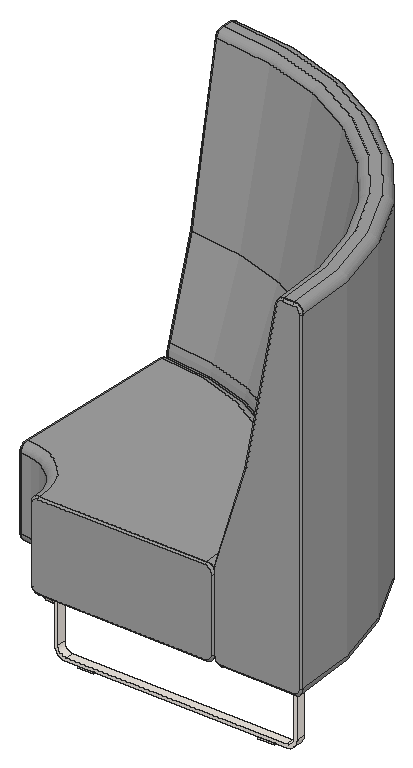
Revit family "Haworth_Riverbend_ConcaveBench90", category Furniture, Revit 2018
Family settings
  OmniClass Number = 23.40.70.14.64.21
  OmniClass Title = Systems Furniture
  Work Plane-Based = No
  Always vertical = Yes
  Cut with Voids When Loaded = No
  Shared = No
  Room Calculation Point = No
Parameters (values of type "33d 56w 50h - High Back")
  Width Straight Edge = 33"  # constant formula
  Width = 56"  # constant formula
  Warranty = "http://www.haworth.com/resources/product-info/warranties"
  URL - Product = "http://www.haworth.com/products/seating/sofas/riverbend-pebble"
  Trim Finish [instance] = Haworth _ Paint _ Plaster
  Symbolic Line Controller = not(No Back)  # yes
  Standard Widths = "56 in."  # constant formula
  Standard Heights = "18 in."  # constant formula
  Standard Depths = "33 in."  # constant formula
  Seat Upholstery Finish [instance] = Haworth _ Fabric _ Tellure _ Steel 3A-39
  No Back = not(or(Mid Back, High Back))  # no
  Min. Width = 28"  # constant formula
  Min. Depth = 33"  # constant formula
  Mid Back = no
  Max. Width = 67"  # constant formula
  Max. Depth = 33"  # constant formula
  Model = "SMCN"  # constant formula
  High Back = yes
  Description = "Haworth Riverbend Concave Bench 90 Degree"  # constant formula
  URL = "http://www.haworth.com"
  Size = "Verify Final Dim. w/ Haworth"  # constant formula
  Revision Number = "1"  # constant formula
  Manufacturer = "Haworth"  # constant formula
  Depth = 33"  # constant formula
  Custom Width = not(or(Width = 56"))  # no
  Custom Size = Custom Width  # no
  Back Upholstery Finish [instance] = Haworth _ Fabric _ Tellure _ Steel 3A-39
  Author = "Haworth (Bentzen)"  # constant formula
  Assembly Code = "E2020200"
  Actual Width = if(Width > Max. Width, Max. Width, if(Width < Min. Width, Min. Width, Width))  # 56"
  Actual Height = 18"  # constant formula
  Actual Depth = if(Depth > Max. Depth, Max. Depth, if(Depth < Min. Depth, Min. Depth, Depth))  # 33"
Types (3): name | Symbolic Line Controller | No Back | Mid Back | High Back
  33d 56w 18h - No Back | no | yes | no | no
  33d 56w 31h - Mid Back | yes | no | yes | no
  33d 56w 50h - High Back | yes | no | no | yes
Reference planes (in)
  plane 1 "Center F/B": through (-7.97654, -13.37828, 0) normal (-0.7071, -0.7071, 0)
  plane 2 "Bottom": z = 0
  plane 3 "Center L/R": through (2.16937, -11.55257, 0) normal (0.7071, -0.7071, 0)
  plane 4 "Left": through (-45.86812, -19.84006, 48) normal (-0.7071, 0.7071, 0)
  plane 5 "Right": through (48.99175, -4.48019, 48) normal (0.7071, -0.7071, 0)
  plane 6 "Frame Back": through (-28.99002, 30.96972, 48) normal (0.7071, 0.7071, 0)
  plane 7 "Chair Front": through (-54.50991, 6.99214, 48) normal (0.7071, 0.7071, 0)
  plane 8 "Top": z = 18
  plane 9 "Top - Bottom of Chamfer Edge": z = 17.75
  plane 10 "Frame Bottom": z = 7.25
  plane 11 "Bottom - Top of Chamfer Edge": z = 7.5
  plane 12 "Leg Bracket - Bottom": z = 7
  plane 13 "Leg Bottom - Top of Bottom": z = 0.625
  plane 14 "Foot - Top of Foot": z = 0.25
  plane 15 "Bench Frame - Inner Concave Tangent Edge No 1": y = -27.24485
  plane 16 "Bench Frame - Inner Concave Tangent Edge No 2": x = -13.52292
  plane 17 "Bench Frame - Outer Concave Tangent Edge No 1": y = 5.75515
  plane 18 "Bench Frame - Outer Concave Tangent Edge No 2": x = 19.47708
  plane 19 "Bench Frame - Center Side No 1": y = -10.74485
  plane 20 "Bench Frame - Center Side No 2": x = 2.97708
  plane 21 "Bench Frame - Straight Edge No 2": y = -34.24485
  plane 22 "Bench Frame - Straight Edge No 1": x = -20.52292
  plane 23 "Left Leg - Back of Leg Bracket": y = 3.98952
  plane 24 "Center Leg - Back of Leg Bracket": through (-55.00812, 54.43266, 48) normal (0.7071, 0.7071, 0)
  plane 25 "Right Leg - Back of Leg Bracket": x = 17.71146
  plane 26 "Left Leg - Front of Leg Bracket": y = -25.47911
  plane 27 "Right Leg - Front of Leg Bracket": x = -11.75729
  plane 28 "Center Leg - Front of Leg Bracket": through (-3.33833, -16.32902, 48) normal (0.7071, 0.7071, 0)
  plane 29: through (-67.1316, 19.55563, 48) normal (-0.7071, 0.7071, 0)
  plane 30 "Left - Top of Chamfer Edge": x = -20.27292
  plane 31 "Right - Top of Chamfer Edge": y = -33.99485
  plane 32 "Leg Left - Left of Leg Bracket": x = -18.96432
  plane 33 "Right Left - Right of Leg Bracket": y = -32.68626
  plane 34: through (5.01791, -6.12371, 48) normal (0.7071, 0.7071, 0)
  plane 35: y = 1.61452
  plane 36: y = 1.23657
  plane 37: y = -0.76343
  plane 38: y = 3.61452
  plane 39: y = -20.72603
  plane 40: y = -22.72603
  plane 41: y = -23.10399
  plane 42: y = -25.10398
  plane 43: through (-3.06109, -16.07593, 48) normal (-0.7071, -0.7071, 0)
  plane 44: through (-1.64688, -14.66171, 48) normal (-0.7071, -0.7071, 0)
  plane 45: through (-1.37963, -14.39446, 48) normal (-0.7071, -0.7071, 0)
  plane 46: through (0.03459, -12.98025, 48) normal (-0.7071, -0.7071, 0)
  plane 47: through (2.85884, -10.15599, 48) normal (-0.7071, -0.7071, 0)
  plane 48: through (4.27305, -8.74178, 48) normal (-0.7071, -0.7071, 0)
  plane 49: through (4.54031, -8.47453, 48) normal (-0.7071, -0.7071, 0)
  plane 50: x = -11.38204
  plane 51: x = -9.38205
  plane 52: x = -9.00409
  plane 53: x = -7.00409
  plane 54: x = 12.95851
  plane 55: x = 14.95851
  plane 56: x = 15.33646
  plane 57: x = 17.33646
  plane 58: x = -17.96432
  plane 59: y = -31.68626
  plane 60: through (6.21968, -6.79515, 48) normal (-0.7071, 0.7071, 0)
  plane 61: through (6.92679, -7.50226, 48) normal (-0.7071, 0.7071, 0)
  plane 62: x = -16.58932
  plane 63: through (0.0325, -16.34109, 48) normal (0.7071, -0.7071, 0)
  plane 64: y = -30.31126
  plane 65: y = 5.75515
  plane 66: y = -2.86906
  plane 67: y = 5.75515
Forms (in)
  Extrusion 1, solid, material "Haworth _ Paint _ Plaster" <- "Trim Finish"
    sketch origin (-22.40527, -10.15277, 0) x (0, -1, 0) y (0, 0, -1)
      loop
        line (-14.14229, -7) -> (-13.76729, -7) -> (-13.76729, -1.625)
        arc (-13.76729, -1.625) -> (-13.47439, -0.91789) -> (-12.76729, -0.625) r 1
        line (-12.76729, -0.625) -> (13.95122, -0.625)
        arc (13.95122, -0.625) -> (14.65832, -0.91789) -> (14.95122, -1.625) r 1
        line (14.95122, -1.625) -> (14.95122, -7) -> (15.32634, -7) -> (15.32634, -1.5)
        arc (15.32634, -1.5) -> (14.96022, -0.61612) -> (14.07634, -0.25) r 1.25
        line (14.07634, -0.25) -> (-12.89229, -0.25)
        arc (-12.89229, -0.25) -> (-13.77617, -0.61612) -> (-14.14229, -1.5) r 1.25
        line (-14.14229, -1.5) -> (-14.14229, -7)
    from 3.44094 to 4.44094
  Extrusion 2, solid, material "Haworth _ Paint _ Plaster" <- "Trim Finish"
    sketch origin (-20.19415, 37.54207, 18) x (1, 0, 0) y (0, 1, 0)
      loop
        line (1.22982, -36.30551) -> (1.22982, -38.30551) -> (2.22982, -38.30551) -> (2.22982, -36.30551) -> (1.22982, -36.30551)
    from -18 to -17.75
  Extrusion 3, solid, material "Haworth _ Paint _ Plaster" <- "Trim Finish"
    sketch origin (-20.19415, 39.82664, 18) x (1, 0, 0) y (0, 1, 0)
      loop
        line (1.22982, -62.55267) -> (2.22982, -62.55267) -> (2.22982, -60.55267) -> (1.22982, -60.55267) -> (1.22982, -62.55267)
    from -18 to -17.75
  Extrusion 4, solid, material "Haworth _ Paint _ Plaster" <- "Trim Finish"
    sketch origin (-20.19415, 37.54207, 18) x (1, 0, 0) y (0, 1, 0)
      loop
        line (1.22982, -33.55255) -> (1.22982, -35.92755) -> (3.60482, -35.92755) -> (3.60482, -33.55255) -> (1.22982, -33.55255)
    from -11 to -10.75
  Extrusion 5, solid, material "Haworth _ Paint _ Plaster" <- "Trim Finish"
    sketch origin (-20.19415, 59.78924, 18) x (1, 0, 0) y (0, 1, 0)
      loop
        line (1.22982, -85.26835) -> (3.60482, -85.26835) -> (3.60482, -82.89323) -> (1.22982, -82.89323) -> (1.22982, -85.26835)
    from -11 to -10.75
  Extrusion 6, solid, material "Haworth _ Paint _ Plaster" <- "Trim Finish"
    sketch origin (3.56917, -36.12721, 0) x (-1, 0, 0) y (0, 0, 1)
      loop
        line (-14.14229, 7) -> (-14.14229, 1.5)
        arc (-14.14229, 1.5) -> (-13.77617, 0.61612) -> (-12.89229, 0.25) r 1.25
        line (-12.89229, 0.25) -> (14.07646, 0.25)
        arc (14.07646, 0.25) -> (14.96035, 0.61612) -> (15.32646, 1.5) r 1.25
        line (15.32646, 1.5) -> (15.32646, 7) -> (14.95122, 7) -> (14.95122, 1.625)
        arc (14.95122, 1.625) -> (14.65832, 0.91789) -> (13.95122, 0.625) r 1
        line (13.95122, 0.625) -> (-12.76729, 0.625)
        arc (-12.76729, 0.625) -> (-13.47439, 0.91789) -> (-13.76729, 1.625) r 1
        line (-13.76729, 1.625) -> (-13.76729, 7) -> (-14.14229, 7)
    from 3.44094 to 4.44094
  Extrusion 7, solid, material "Haworth _ Paint _ Plaster" <- "Trim Finish"
    sketch origin (51.26401, -33.91608, 18) x (0, 1, 0) y (-1, 0, 0)
      loop
        line (1.22982, 36.30551) -> (2.22982, 36.30551) -> (2.22982, 38.30551) -> (1.22982, 38.30551) -> (1.22982, 36.30551)
    from -18 to -17.75
  Extrusion 8, solid, material "Haworth _ Paint _ Plaster" <- "Trim Finish"
    sketch origin (53.54858, -33.91608, 18) x (0, 1, 0) y (-1, 0, 0)
      loop
        line (1.22982, 62.55267) -> (1.22982, 60.55267) -> (2.22982, 60.55267) -> (2.22982, 62.55267) -> (1.22982, 62.55267)
    from -18 to -17.75
  Extrusion 9, solid, material "Haworth _ Paint _ Plaster" <- "Trim Finish"
    sketch origin (51.26401, -33.91608, 18) x (0, 1, 0) y (-1, 0, 0)
      loop
        line (1.22982, 33.55255) -> (3.60482, 33.55255) -> (3.60482, 35.92755) -> (1.22982, 35.92755) -> (1.22982, 33.55255)
    from -11 to -10.75
  Extrusion 10, solid, material "Haworth _ Paint _ Plaster" <- "Trim Finish"
    sketch origin (73.51118, -33.91608, 18) x (0, 1, 0) y (-1, 0, 0)
      loop
        line (1.22982, 85.26847) -> (1.22982, 82.89323) -> (3.60482, 82.89323) -> (3.60482, 85.26847) -> (1.22982, 85.26847)
    from -11 to -10.75
  Extrusion 11, solid, material "Haworth _ Paint _ Plaster" <- "Trim Finish"
    sketch origin (5.0779, -3.0707, 0) x (-0.707107, -0.707107, 0) y (0, 0, -1)
      loop
        line (1.82622, -7) -> (2.20122, -7) -> (2.20122, -1.625)
        arc (2.20122, -1.625) -> (2.49411, -0.91789) -> (3.20122, -0.625) r 1
        line (3.20122, -0.625) -> (13.95122, -0.625)
        arc (13.95122, -0.625) -> (14.65832, -0.91789) -> (14.95122, -1.625) r 1
        line (14.95122, -1.625) -> (14.95122, -7) -> (15.32622, -7) -> (15.32622, -1.5)
        arc (15.32622, -1.5) -> (14.9601, -0.61612) -> (14.07622, -0.25) r 1.25
        line (14.07622, -0.25) -> (3.07622, -0.25)
        arc (3.07622, -0.25) -> (2.19233, -0.61612) -> (1.82622, -1.5) r 1.25
        line (1.82622, -1.5) -> (1.82622, -7)
    from 3.44094 to 4.44094
  Extrusion 12, solid, material "Haworth _ Paint _ Plaster" <- "Trim Finish"
    sketch origin (29.07531, 17.79971, 18) x (0.707107, -0.707107, 0) y (0.707107, 0.707107, 0)
      loop
        line (1.22982, -36.30551) -> (1.22982, -38.30551) -> (2.22982, -38.30551) -> (2.22982, -36.30551) -> (1.22982, -36.30551)
    from -18 to -17.75
  Extrusion 13, solid, material "Haworth _ Paint _ Plaster" <- "Trim Finish"
    sketch origin (41.98218, 30.70658, 18) x (0.707107, -0.707107, 0) y (0.707107, 0.707107, 0)
      loop
        line (1.22982, -62.55267) -> (2.22982, -62.55267) -> (2.22982, -60.55267) -> (1.22982, -60.55267) -> (1.22982, -62.55267)
    from -18 to -17.75
  Extrusion 14, solid, material "Haworth _ Paint _ Plaster" <- "Trim Finish"
    sketch origin (29.07531, 17.79971, 18) x (0.707107, -0.707107, 0) y (0.707107, 0.707107, 0)
      loop
        line (1.22982, -33.55255) -> (1.22982, -35.92755) -> (3.60482, -35.92755) -> (3.60482, -33.55255) -> (1.22982, -33.55255)
    from -11 to -10.75
  Extrusion 15, solid, material "Haworth _ Paint _ Plaster" <- "Trim Finish"
    sketch origin (56.09787, 44.82227, 18) x (0.707107, -0.707107, 0) y (0.707107, 0.707107, 0)
      loop
        line (1.22982, -85.26822) -> (3.60482, -85.26822) -> (3.60482, -82.89323) -> (1.22982, -82.89323) -> (1.22982, -85.26822)
    from -11 to -10.75
  Blend 16, solid, material "Haworth _ Fabric _ Tellure _ Steel 3A-39" <- "Seat Upholstery Finish", visible <- "No Back"
    base sketch origin (-20.52292, -11.88714, 0) x (0, -1, 0) y (0, 0, 1)
      loop
        arc (-16.64228, 17.75) -> (-17.17261, 17.53033) -> (-17.39228, 17) r 0.75
        line (-17.39228, 17) -> (-17.39228, 8.25)
        arc (-17.39228, 8.25) -> (-17.17261, 7.71967) -> (-16.64228, 7.5) r 0.75
        line (-16.64228, 7.5) -> (14.35772, 7.5)
        arc (14.35772, 7.5) -> (14.88805, 7.71967) -> (15.10772, 8.25) r 0.75
        line (15.10772, 8.25) -> (15.10772, 17)
        arc (15.10772, 17) -> (14.88805, 17.53033) -> (14.35772, 17.75) r 0.75
        line (14.35772, 17.75) -> (-16.64228, 17.75)
    top sketch origin (-20.52292, -11.88714, 0) x (0, -1, 0) y (0, 0, 1)
      loop
        arc (-16.64228, 18) -> (-17.34939, 17.70711) -> (-17.64228, 17) r 1
        line (-17.64228, 17) -> (-17.64228, 8.25)
        arc (-17.64228, 8.25) -> (-17.34939, 7.54289) -> (-16.64228, 7.25) r 1
        line (-16.64228, 7.25) -> (14.35772, 7.25)
        arc (14.35772, 7.25) -> (15.06482, 7.54289) -> (15.35772, 8.25) r 1
        line (15.35772, 8.25) -> (15.35772, 17)
        arc (15.35772, 17) -> (15.06482, 17.70711) -> (14.35772, 18) r 1
        line (14.35772, 18) -> (-16.64228, 18)
    from 0 to -0.25
  Blend 17, solid, material "Haworth _ Fabric _ Tellure _ Steel 3A-39" <- "Seat Upholstery Finish", visible <- "No Back"
    base sketch origin (4.11937, -34.24485, 0) x (1, 0, 0) y (0, 0, 1)
      loop
        arc (-16.64228, 17.75) -> (-17.17261, 17.53033) -> (-17.39228, 17) r 0.75
        line (-17.39228, 17) -> (-17.39228, 8.25)
        arc (-17.39228, 8.25) -> (-17.17261, 7.71967) -> (-16.64228, 7.5) r 0.75
        line (-16.64228, 7.5) -> (14.35772, 7.5)
        arc (14.35772, 7.5) -> (14.88805, 7.71967) -> (15.10772, 8.25) r 0.75
        line (15.10772, 8.25) -> (15.10772, 17)
        arc (15.10772, 17) -> (14.88805, 17.53033) -> (14.35772, 17.75) r 0.75
        line (14.35772, 17.75) -> (-16.64228, 17.75)
    top sketch origin (4.11937, -34.24485, 0) x (1, 0, 0) y (0, 0, 1)
      loop
        arc (-16.64228, 18) -> (-17.34939, 17.70711) -> (-17.64228, 17) r 1
        line (-17.64228, 17) -> (-17.64228, 8.25)
        arc (-17.64228, 8.25) -> (-17.34939, 7.54289) -> (-16.64228, 7.25) r 1
        line (-16.64228, 7.25) -> (14.35772, 7.25)
        arc (14.35772, 7.25) -> (15.06482, 7.54289) -> (15.35772, 8.25) r 1
        line (15.35772, 8.25) -> (15.35772, 17)
        arc (15.35772, 17) -> (15.06482, 17.70711) -> (14.35772, 18) r 1
        line (14.35772, 18) -> (-16.64228, 18)
    from 0 to -0.25
  Revolve 18, solid, material "Haworth _ Fabric _ Tellure _ Steel 3A-39" <- "Seat Upholstery Finish", visible <- "No Back"
    sketch origin (-93.75, -33.99485, 0) x (-1, 0, 0) y (0, 0, 1)
      loop
        arc (-80.22708, 17) -> (-80.51998, 17.70711) -> (-81.22708, 18) r 1
        line (-81.22708, 18) -> (-112.22708, 18)
        arc (-112.22708, 18) -> (-112.93419, 17.70711) -> (-113.22708, 17) r 1
        line (-113.22708, 17) -> (-113.22708, 8.25)
        arc (-113.22708, 8.25) -> (-112.93419, 7.54289) -> (-112.22708, 7.25) r 1
        line (-112.22708, 7.25) -> (-81.22708, 7.25)
        arc (-81.22708, 7.25) -> (-80.51998, 7.54289) -> (-80.22708, 8.25) r 1
        line (-80.22708, 8.25) -> (-80.22708, 17)
      axis (-73.47708, 18) -> (-73.47708, 7.25)
    angle from 270 to 360
  Blend 19, solid, material "Haworth _ Fabric _ Tellure _ Steel 3A-39" <- "Back Upholstery Finish", visible <- "Mid Back"
    base sketch origin (-33.25, 14.42042, -6.66555) x (0, -1, 0) y (0, 0, 1)
      loop
        arc (10.63378, 37.66555) -> (9.24183, 37.08899) -> (8.66527, 35.69705) r 1.9685
        line (8.66527, 35.69705) -> (8.66527, 14.91555)
        arc (8.66527, 14.91555) -> (8.95817, 14.20845) -> (9.66527, 13.91555) r 1
        line (9.66527, 13.91555) -> (18.33519, 13.91555)
        arc (18.33519, 13.91555) -> (19.0423, 14.20845) -> (19.33519, 14.91555) r 1
        line (19.33519, 14.91555) -> (19.33519, 24.30895)
        arc (19.33519, 24.30895) -> (19.24632, 25.04671) -> (19.06794, 25.76808) r 6.06812
        line (19.06794, 25.76808) -> (15.77197, 36.28554)
        arc (15.77197, 36.28554) -> (15.05883, 37.28348) -> (13.89331, 37.66555) r 1.96875
        line (13.89331, 37.66555) -> (10.63378, 37.66555)
    top sketch origin (-33.25, 14.42042, -6.66555) x (0, -1, 0) y (0, 0, 1)
      loop
        line (13.89331, 37.41555) -> (10.63378, 37.41555)
        arc (10.63378, 37.41555) -> (9.41861, 36.91222) -> (8.91527, 35.69705) r 1.7185
        line (8.91527, 35.69705) -> (8.91527, 14.91555)
        arc (8.91527, 14.91555) -> (9.13494, 14.38522) -> (9.66527, 14.16555) r 0.75
        line (9.66527, 14.16555) -> (18.4069, 14.16555)
        arc (18.4069, 14.16555) -> (18.93723, 14.38522) -> (19.1569, 14.91555) r 0.75
        line (19.1569, 14.91555) -> (19.1569, 24.64821) -> (15.53341, 36.21078)
        arc (15.53341, 36.21078) -> (14.91083, 37.08199) -> (13.89331, 37.41555) r 1.71875
    from -12.97708 to -12.72708
  Blend 20, solid, material "Haworth _ Fabric _ Tellure _ Steel 3A-39" <- "Back Upholstery Finish", visible <- "High Back"
    base sketch origin (-61.05552, 16.17042, -6.66555) x (0, -1, 0) y (0, 0, 1)
      loop
        line (10.41527, 55.62737) -> (10.41527, 14.91555)
        arc (10.41527, 14.91555) -> (10.70817, 14.20845) -> (11.41527, 13.91555) r 1
        line (11.41527, 13.91555) -> (20.08519, 13.91555)
        arc (20.08519, 13.91555) -> (20.7923, 14.20845) -> (21.08519, 14.91555) r 1
        line (21.08519, 14.91555) -> (21.08519, 24.30895)
        arc (21.08519, 24.30895) -> (20.99632, 25.04671) -> (20.81794, 25.76808) r 6.06812
        line (20.81794, 25.76808) -> (17.47174, 36.4458) -> (13.71105, 55.8336)
        arc (13.71105, 55.8336) -> (13.35603, 56.43074) -> (12.70221, 56.66555) r 1.02764
        line (12.70221, 56.66555) -> (11.45346, 56.66555)
        arc (11.45346, 56.66555) -> (10.71935, 56.36148) -> (10.41527, 55.62737) r 1.03818
    top sketch origin (-61.05552, 16.17042, -6.66555) x (0, -1, 0) y (0, 0, 1)
      loop
        arc (11.45346, 56.41555) -> (10.89613, 56.1847) -> (10.66527, 55.62737) r 0.78818
        line (10.66527, 55.62737) -> (10.66527, 14.91555)
        arc (10.66527, 14.91555) -> (10.88494, 14.38522) -> (11.41527, 14.16555) r 0.75
        line (11.41527, 14.16555) -> (20.1569, 14.16555)
        arc (20.1569, 14.16555) -> (20.68723, 14.38522) -> (20.9069, 14.91555) r 0.75
        line (20.9069, 14.91555) -> (20.9069, 24.64821) -> (17.22899, 36.38443) -> (13.46562, 55.78599)
        arc (13.46562, 55.78599) -> (13.19697, 56.23786) -> (12.70221, 56.41555) r 0.77764
        line (12.70221, 56.41555) -> (11.45346, 56.41555)
    from -40.7826 to -40.5326
  Revolve 21, solid, material "Haworth _ Fabric _ Tellure _ Steel 3A-39" <- "Back Upholstery Finish", visible <- "Mid Back"
    sketch origin (-20.27292, 0, 0) x (0, 1, 0) y (0, 0, 1)
      loop
        arc (5.75515, 29.0315) -> (5.17858, 30.42344) -> (3.78664, 31) r 1.9685
        line (3.78664, 31) -> (0.52711, 31)
        arc (0.52711, 31) -> (-0.63842, 30.61792) -> (-1.35155, 29.61999) r 1.96875
        line (-1.35155, 29.61999) -> (-4.64752, 19.10253)
        arc (-4.64752, 19.10253) -> (-4.8259, 18.38116) -> (-4.91478, 17.64339) r 6.06812
        line (-4.91478, 17.64339) -> (-4.91478, 8.25)
        arc (-4.91478, 8.25) -> (-4.62188, 7.54289) -> (-3.91478, 7.25) r 1
        line (-3.91478, 7.25) -> (4.75515, 7.25)
        arc (4.75515, 7.25) -> (5.46225, 7.54289) -> (5.75515, 8.25) r 1
        line (5.75515, 8.25) -> (5.75515, 29.0315)
      axis (-33.99485, 31) -> (-33.99485, 7.25)
    angle from 0 to -90
  Blend 22, solid, material "Haworth _ Fabric _ Tellure _ Steel 3A-39" <- "Back Upholstery Finish", visible <- "Mid Back"
    base sketch origin (28.14236, -46.97194, -6.66555) x (-1, 0, 0) y (0, 0, -1)
      loop
        line (10.63378, -37.66555) -> (13.89331, -37.66555)
        arc (13.89331, -37.66555) -> (15.05883, -37.28348) -> (15.77197, -36.28554) r 1.96875
        line (15.77197, -36.28554) -> (19.06794, -25.76808)
        arc (19.06794, -25.76808) -> (19.24632, -25.04671) -> (19.33519, -24.30895) r 6.06812
        line (19.33519, -24.30895) -> (19.33519, -14.91555)
        arc (19.33519, -14.91555) -> (19.0423, -14.20845) -> (18.33519, -13.91555) r 1
        line (18.33519, -13.91555) -> (9.66527, -13.91555)
        arc (9.66527, -13.91555) -> (8.95817, -14.20845) -> (8.66527, -14.91555) r 1
        line (8.66527, -14.91555) -> (8.66527, -35.69705)
        arc (8.66527, -35.69705) -> (9.24183, -37.08899) -> (10.63378, -37.66555) r 1.9685
    top sketch origin (28.14236, -46.97194, -6.66555) x (-1, 0, 0) y (0, 0, -1)
      loop
        arc (13.89331, -37.41555) -> (14.91083, -37.08199) -> (15.53341, -36.21078) r 1.71875
        line (15.53341, -36.21078) -> (19.1569, -24.64821) -> (19.1569, -14.91555)
        arc (19.1569, -14.91555) -> (18.93723, -14.38522) -> (18.4069, -14.16555) r 0.75
        line (18.4069, -14.16555) -> (9.66527, -14.16555)
        arc (9.66527, -14.16555) -> (9.13494, -14.38522) -> (8.91527, -14.91555) r 0.75
        line (8.91527, -14.91555) -> (8.91527, -35.69705)
        arc (8.91527, -35.69705) -> (9.41861, -36.91222) -> (10.63378, -37.41555) r 1.7185
        line (10.63378, -37.41555) -> (13.89331, -37.41555)
    from -12.97708 to -12.72708
  Blend 23, solid, material "Haworth _ Fabric _ Tellure _ Steel 3A-39" <- "Seat Upholstery Finish", visible <- "Symbolic Line Controller"
    base sketch origin (-20.52292, -22.55706, 0) x (0, -1, 0) y (0, 0, 1)
      loop
        arc (-16.64228, 17.75) -> (-17.17261, 17.53033) -> (-17.39228, 17) r 0.75
        line (-17.39228, 17) -> (-17.39228, 8.25)
        arc (-17.39228, 8.25) -> (-17.17261, 7.71967) -> (-16.64228, 7.5) r 0.75
        line (-16.64228, 7.5) -> (3.68779, 7.5)
        arc (3.68779, 7.5) -> (4.21812, 7.71967) -> (4.43779, 8.25) r 0.75
        line (4.43779, 8.25) -> (4.43779, 17)
        arc (4.43779, 17) -> (4.21812, 17.53033) -> (3.68779, 17.75) r 0.75
        line (3.68779, 17.75) -> (-16.64228, 17.75)
    top sketch origin (-20.52292, -22.55706, 0) x (0, -1, 0) y (0, 0, 1)
      loop
        arc (-16.64228, 18) -> (-17.34939, 17.70711) -> (-17.64228, 17) r 1
        line (-17.64228, 17) -> (-17.64228, 8.25)
        arc (-17.64228, 8.25) -> (-17.34939, 7.54289) -> (-16.64228, 7.25) r 1
        line (-16.64228, 7.25) -> (3.68779, 7.25)
        arc (3.68779, 7.25) -> (4.3949, 7.54289) -> (4.68779, 8.25) r 1
        line (4.68779, 8.25) -> (4.68779, 17)
        arc (4.68779, 17) -> (4.3949, 17.70711) -> (3.68779, 18) r 1
        line (3.68779, 18) -> (-16.64228, 18)
    from 0 to -0.25
  Revolve 24, solid, material "Haworth _ Fabric _ Tellure _ Steel 3A-39" <- "Back Upholstery Finish", visible <- "High Back"
    sketch origin (-20.27292, 0, 0) x (0, 1, 0) y (0, 0, 1)
      loop
        arc (5.75515, 48.96182) -> (5.45107, 49.69592) -> (4.71696, 50) r 1.03818
        line (4.71696, 50) -> (3.46821, 50)
        arc (3.46821, 50) -> (2.81439, 49.76518) -> (2.45937, 49.16804) r 1.02764
        line (2.45937, 49.16804) -> (-1.30133, 29.78025) -> (-4.64752, 19.10253)
        arc (-4.64752, 19.10253) -> (-4.8259, 18.38116) -> (-4.91478, 17.64339) r 6.06812
        line (-4.91478, 17.64339) -> (-4.91478, 8.25)
        arc (-4.91478, 8.25) -> (-4.62188, 7.54289) -> (-3.91478, 7.25) r 1
        line (-3.91478, 7.25) -> (4.75515, 7.25)
        arc (4.75515, 7.25) -> (5.46225, 7.54289) -> (5.75515, 8.25) r 1
        line (5.75515, 8.25) -> (5.75515, 48.96182)
      axis (-33.99485, 50) -> (-33.99485, 7.25)
    angle from 0 to -90
  Blend 25, solid, material "Haworth _ Fabric _ Tellure _ Steel 3A-39" <- "Back Upholstery Finish", visible <- "High Back"
    base sketch origin (29.89236, -74.77746, -6.66555) x (-1, 0, 0) y (0, 0, -1)
      loop
        arc (10.41527, -55.62737) -> (10.71935, -56.36148) -> (11.45346, -56.66555) r 1.03818
        line (11.45346, -56.66555) -> (12.70221, -56.66555)
        arc (12.70221, -56.66555) -> (13.35603, -56.43074) -> (13.71105, -55.8336) r 1.02764
        line (13.71105, -55.8336) -> (17.47174, -36.4458) -> (20.81794, -25.76808)
        arc (20.81794, -25.76808) -> (20.99632, -25.04671) -> (21.08519, -24.30895) r 6.06812
        line (21.08519, -24.30895) -> (21.08519, -14.91555)
        arc (21.08519, -14.91555) -> (20.7923, -14.20845) -> (20.08519, -13.91555) r 1
        line (20.08519, -13.91555) -> (11.41527, -13.91555)
        arc (11.41527, -13.91555) -> (10.70817, -14.20845) -> (10.41527, -14.91555) r 1
        line (10.41527, -14.91555) -> (10.41527, -55.62737)
    top sketch origin (29.89236, -74.77746, -6.66555) x (-1, 0, 0) y (0, 0, -1)
      loop
        line (11.45346, -56.41555) -> (12.70221, -56.41555)
        arc (12.70221, -56.41555) -> (13.19697, -56.23786) -> (13.46562, -55.78599) r 0.77764
        line (13.46562, -55.78599) -> (17.22899, -36.38443) -> (20.9069, -24.64821) -> (20.9069, -14.91555)
        arc (20.9069, -14.91555) -> (20.68723, -14.38522) -> (20.1569, -14.16555) r 0.75
        line (20.1569, -14.16555) -> (11.41527, -14.16555)
        arc (11.41527, -14.16555) -> (10.88494, -14.38522) -> (10.66527, -14.91555) r 0.75
        line (10.66527, -14.91555) -> (10.66527, -55.62737)
        arc (10.66527, -55.62737) -> (10.89613, -56.1847) -> (11.45346, -56.41555) r 0.78818
    from -40.7826 to -40.5326
  Blend 26, solid, material "Haworth _ Fabric _ Tellure _ Steel 3A-39" <- "Seat Upholstery Finish", visible <- "Symbolic Line Controller"
    base sketch origin (-8.83512, -34.24485, 0) x (-1, 0, 0) y (0, 0, -1)
      loop
        line (-16.64228, -17.75) -> (3.68779, -17.75)
        arc (3.68779, -17.75) -> (4.21812, -17.53033) -> (4.43779, -17) r 0.75
        line (4.43779, -17) -> (4.43779, -8.25)
        arc (4.43779, -8.25) -> (4.21812, -7.71967) -> (3.68779, -7.5) r 0.75
        line (3.68779, -7.5) -> (-16.64228, -7.5)
        arc (-16.64228, -7.5) -> (-17.17261, -7.71967) -> (-17.39228, -8.25) r 0.75
        line (-17.39228, -8.25) -> (-17.39228, -17)
        arc (-17.39228, -17) -> (-17.17261, -17.53033) -> (-16.64228, -17.75) r 0.75
    top sketch origin (-8.83512, -34.24485, 0) x (-1, 0, 0) y (0, 0, -1)
      loop
        line (-16.64228, -18) -> (3.68779, -18)
        arc (3.68779, -18) -> (4.3949, -17.70711) -> (4.68779, -17) r 1
        line (4.68779, -17) -> (4.68779, -8.25)
        arc (4.68779, -8.25) -> (4.3949, -7.54289) -> (3.68779, -7.25) r 1
        line (3.68779, -7.25) -> (-16.64228, -7.25)
        arc (-16.64228, -7.25) -> (-17.34939, -7.54289) -> (-17.64228, -8.25) r 1
        line (-17.64228, -8.25) -> (-17.64228, -17)
        arc (-17.64228, -17) -> (-17.34939, -17.70711) -> (-16.64228, -18) r 1
    from 0 to -0.25
  Revolve 27, solid, material "Haworth _ Fabric _ Tellure _ Steel 3A-39" <- "Seat Upholstery Finish", visible <- "Symbolic Line Controller"
    sketch origin (-93.75, -33.99485, 0) x (-1, 0, 0) y (0, 0, 1)
      loop
        arc (-80.22708, 17) -> (-80.51998, 17.70711) -> (-81.22708, 18) r 1
        line (-81.22708, 18) -> (-101.55716, 18)
        arc (-101.55716, 18) -> (-102.26427, 17.70711) -> (-102.55716, 17) r 1
        line (-102.55716, 17) -> (-102.55716, 8.25)
        arc (-102.55716, 8.25) -> (-102.26427, 7.54289) -> (-101.55716, 7.25) r 1
        line (-101.55716, 7.25) -> (-81.22708, 7.25)
        arc (-81.22708, 7.25) -> (-80.51998, 7.54289) -> (-80.22708, 8.25) r 1
        line (-80.22708, 8.25) -> (-80.22708, 17)
      axis (-73.47708, 18) -> (-73.47708, 7.25)
    angle from 270 to 360
Lines and regions (in)
  Masking region 1
    outline origin (0, 0, 18) x (-1, 0, 0) y (0, -1, 0)
      loop
        line (20.52292, -5.50515) -> (20.52292, 26.99485) -> (20.27292, 27.24485)
        arc (20.27292, 27.24485) -> (15.49994, 29.22188) -> (13.52292, 33.99485) r 6.75
        line (13.52292, 33.99485) -> (13.27292, 34.24485) -> (-19.22708, 34.24485) -> (-19.47708, 33.99485)
        arc (-19.47708, 33.99485) -> (-7.83458, 5.88736) -> (20.27292, -5.75515) r 39.75
        line (20.27292, -5.75515) -> (20.52292, -5.50515)
  symbolic lines, style "Haworth", visible <- "Symbolic Line Controller", detail levels medium+fine
    curve 1: arc (8.80716, -33.99485, 18) -> (0.28981, -13.43213, 18) -> (-20.27292, -4.91478, 18) r 29.08008
Dimensions and locks (in)
  plane 4 "Left" to plane 5 "Right" = 56.21499"
  locked: plane 8 "Top" to plane 9 "Top - Bottom of Chamfer Edge" at 0.25
  locked: plane 11 "Bottom - Top of Chamfer Edge" to plane 10 "Frame Bottom" at 0.25
  plane 8 "Top" to plane 10 "Frame Bottom" = 10 3/4"
  "Actual Height": plane 8 "Top" to plane 2 "Bottom"
  plane 8 "Top" to plane 2 "Bottom" = 18"
  Extrusion 1 sketch curve to Extrusion 1 sketch curve = 3/8"  (x2)
  Extrusion 1 sketch curve to Extrusion 1 sketch curve = 0.37512"
  "Width Straight Edge": plane 16 "Bench Frame - Inner Concave Tangent Edge No 2" to plane 18 "Bench Frame - Outer Concave Tangent Edge No 2"
  "Width Straight Edge": plane 17 "Bench Frame - Outer Concave Tangent Edge No 1" to plane 15 "Bench Frame - Inner Concave Tangent Edge No 1"
  equal spacing: plane 17 "Bench Frame - Outer Concave Tangent Edge No 1", plane 19 "Bench Frame - Center Side No 1", plane 15 "Bench Frame - Inner Concave Tangent Edge No 1"
  equal spacing: plane 16 "Bench Frame - Inner Concave Tangent Edge No 2", plane 20 "Bench Frame - Center Side No 2", plane 18 "Bench Frame - Outer Concave Tangent Edge No 2"
  plane 15 "Bench Frame - Inner Concave Tangent Edge No 1" to plane 21 "Bench Frame - Straight Edge No 2" = 7"
  plane 22 "Bench Frame - Straight Edge No 1" to plane 16 "Bench Frame - Inner Concave Tangent Edge No 2" = 7"
  plane 22 "Bench Frame - Straight Edge No 1" to plane 30 "Left - Top of Chamfer Edge" = 1/4"
  plane 31 "Right - Top of Chamfer Edge" to plane 21 "Bench Frame - Straight Edge No 2" = 1/4"
  Extrusion 6 sketch curve to Extrusion 6 sketch curve = 3/8"  (x2)
  Extrusion 6 sketch curve to Extrusion 6 sketch curve = 0.37525"
  Extrusion 11 sketch curve to Extrusion 11 sketch curve = 3/8"  (x3)
  plane 24 "Center Leg - Back of Leg Bracket" to plane 28 "Center Leg - Front of Leg Bracket" = 13 1/2"
  "Depth": plane 16 "Bench Frame - Inner Concave Tangent Edge No 2" to plane 18 "Bench Frame - Outer Concave Tangent Edge No 2"
  aligned and locked: Extrusion 11 to plane 34
  aligned and locked: plane 24 "Center Leg - Back of Leg Bracket" to Extrusion 11  (x2)
  aligned and locked: Extrusion 3 to plane 39
  aligned and locked: Extrusion 1 to Extrusion 3  (x2)
  aligned and locked: plane 40 to Extrusion 3
  aligned and locked: Extrusion 2 to plane 36  (x2)
  aligned and locked: Extrusion 1 to Extrusion 2
  aligned and locked: Extrusion 3 to plane 58  (x2)
  aligned and locked: Extrusion 13 to plane 46
  aligned and locked: plane 60 to Extrusion 13
  aligned and locked: Extrusion 13 to plane 61
  aligned and locked: plane 47 to Extrusion 12
  aligned and locked: Extrusion 12 to plane 48
  aligned and locked: plane 60 to Extrusion 12
  aligned and locked: Extrusion 12 to plane 61
  aligned and locked: plane 54 to Extrusion 7
  aligned and locked: plane 59 to Extrusion 7
  aligned and locked: Extrusion 7 to plane 33 "Right Left - Right of Leg Bracket"
  aligned and locked: Extrusion 7 to plane 55
  aligned and locked: plane 59 to Extrusion 8
  aligned and locked: Extrusion 8 to plane 33 "Right Left - Right of Leg Bracket"
  aligned and locked: plane 52 to Extrusion 8
  aligned and locked: Extrusion 8 to plane 53
  aligned and locked: Extrusion 2 to plane 2 "Bottom"
  aligned and locked: Extrusion 2 to plane 14 "Foot - Top of Foot"
  aligned and locked: plane 2 "Bottom" to Extrusion 12  (x2)
  aligned and locked: plane 14 "Foot - Top of Foot" to Extrusion 12  (x2)
  aligned and locked: plane 2 "Bottom" to Extrusion 13  (x2)
  aligned and locked: plane 14 "Foot - Top of Foot" to Extrusion 13  (x2)
  aligned and locked: Extrusion 3 to plane 2 "Bottom"
  aligned and locked: Extrusion 3 to plane 14 "Foot - Top of Foot"
  aligned and locked: Extrusion 8 to plane 2 "Bottom"
  aligned and locked: Extrusion 8 to plane 14 "Foot - Top of Foot"
  aligned and locked: Extrusion 3 to plane 32 "Leg Left - Left of Leg Bracket"
  aligned and locked: plane 37 to Extrusion 2
  aligned and locked: Extrusion 2 to plane 58
  aligned and locked: Extrusion 2 to plane 32 "Leg Left - Left of Leg Bracket"
  aligned and locked: Extrusion 7 to plane 14 "Foot - Top of Foot"
  aligned and locked: Extrusion 7 to plane 2 "Bottom"
  aligned and locked: plane 14 "Foot - Top of Foot" to Extrusion 1
  aligned and locked: Extrusion 1 to plane 13 "Leg Bottom - Top of Bottom"
  aligned and locked: plane 23 "Left Leg - Back of Leg Bracket" to Extrusion 1
  aligned and locked: plane 38 to Extrusion 1
  aligned and locked: plane 12 "Leg Bracket - Bottom" to Extrusion 1  (x2)
  aligned and locked: Extrusion 1 to plane 42
  aligned and locked: Extrusion 1 to plane 26 "Left Leg - Front of Leg Bracket"
  aligned and locked: plane 12 "Leg Bracket - Bottom" to Extrusion 6  (x2)
  aligned and locked: plane 25 "Right Leg - Back of Leg Bracket" to Extrusion 6
  aligned and locked: plane 57 to Extrusion 6
  aligned and locked: Extrusion 6 to plane 13 "Leg Bottom - Top of Bottom"
  aligned and locked: plane 14 "Foot - Top of Foot" to Extrusion 6
  aligned and locked: Extrusion 6 to plane 27 "Right Leg - Front of Leg Bracket"
  aligned and locked: Extrusion 6 to plane 50
  aligned and locked: plane 14 "Foot - Top of Foot" to Extrusion 3
  aligned and locked: plane 12 "Leg Bracket - Bottom" to Extrusion 11  (x2)
  aligned and locked: Extrusion 11 to plane 13 "Leg Bottom - Top of Bottom"
  aligned and locked: plane 14 "Foot - Top of Foot" to Extrusion 11
  aligned and locked: Extrusion 14 to plane 12 "Leg Bracket - Bottom"
  aligned and locked: plane 10 "Frame Bottom" to Extrusion 14
  aligned and locked: plane 10 "Frame Bottom" to Extrusion 15
  aligned and locked: Extrusion 15 to plane 12 "Leg Bracket - Bottom"
  aligned and locked: plane 60 to Extrusion 11
  aligned and locked: Extrusion 11 to plane 61
  aligned and locked: Extrusion 11 to plane 28 "Center Leg - Front of Leg Bracket"
  aligned and locked: Extrusion 11 to plane 43  (x2)
  aligned and locked: plane 34 to Extrusion 11
  aligned and locked: Extrusion 6 to plane 33 "Right Left - Right of Leg Bracket"
  aligned and locked: plane 59 to Extrusion 6
  aligned and locked: plane 32 "Leg Left - Left of Leg Bracket" to Extrusion 4 sketch curve
  aligned and locked: plane 62 to Extrusion 4 sketch curve
  aligned and locked: Extrusion 4 sketch curve to plane 23 "Left Leg - Back of Leg Bracket"
  aligned and locked: Extrusion 4 sketch curve to plane 35
  aligned and locked: Extrusion 5 sketch curve to plane 32 "Leg Left - Left of Leg Bracket"
  aligned and locked: Extrusion 5 sketch curve to plane 62
  aligned and locked: Extrusion 5 sketch curve to plane 41
  aligned and locked: Extrusion 5 sketch curve to plane 26 "Left Leg - Front of Leg Bracket"
  aligned and locked: plane 60 to Extrusion 15 sketch curve
  aligned and locked: plane 63 to Extrusion 15 sketch curve
  aligned and locked: Extrusion 15 sketch curve to plane 44
  aligned and locked: Extrusion 15 sketch curve to plane 28 "Center Leg - Front of Leg Bracket"
  aligned and locked: Extrusion 14 sketch curve to plane 24 "Center Leg - Back of Leg Bracket"
  aligned and locked: Extrusion 14 sketch curve to plane 49
  aligned and locked: Extrusion 14 sketch curve to plane 60
  aligned and locked: Extrusion 14 sketch curve to plane 63
  aligned and locked: plane 27 "Right Leg - Front of Leg Bracket" to Extrusion 10 sketch curve
  aligned and locked: plane 51 to Extrusion 10 sketch curve
  aligned and locked: Extrusion 10 sketch curve to plane 64
  aligned and locked: plane 33 "Right Left - Right of Leg Bracket" to Extrusion 10 sketch curve
  aligned and locked: plane 64 to Extrusion 9 sketch curve
  aligned and locked: Extrusion 9 sketch curve to plane 33 "Right Left - Right of Leg Bracket"
  aligned and locked: plane 56 to Extrusion 9 sketch curve
  aligned and locked: plane 25 "Right Leg - Back of Leg Bracket" to Extrusion 9 sketch curve
  aligned and locked: Extrusion 5 to plane 12 "Leg Bracket - Bottom"
  aligned and locked: plane 10 "Frame Bottom" to Extrusion 5
  aligned and locked: Extrusion 10 to plane 12 "Leg Bracket - Bottom"
  aligned and locked: plane 10 "Frame Bottom" to Extrusion 10
  aligned and locked: plane 12 "Leg Bracket - Bottom" to Extrusion 15
  aligned and locked: Extrusion 15 to plane 10 "Frame Bottom"
  aligned and locked: plane 12 "Leg Bracket - Bottom" to Extrusion 14
  aligned and locked: Extrusion 14 to plane 10 "Frame Bottom"
  aligned and locked: Extrusion 9 to plane 12 "Leg Bracket - Bottom"
  aligned and locked: plane 10 "Frame Bottom" to Extrusion 9
  aligned and locked: Extrusion 4 to plane 12 "Leg Bracket - Bottom"
  aligned and locked: plane 10 "Frame Bottom" to Extrusion 4
  aligned and locked: plane 12 "Leg Bracket - Bottom" to Extrusion 5
  aligned and locked: Extrusion 5 to plane 10 "Frame Bottom"
  aligned and locked: Blend 17 to plane 21 "Bench Frame - Straight Edge No 2"
  aligned and locked: plane 31 "Right - Top of Chamfer Edge" to Revolve 18  (x2)
  aligned and locked: Blend 16 to plane 22 "Bench Frame - Straight Edge No 1"
  aligned and locked: Revolve 18 to plane 30 "Left - Top of Chamfer Edge"
  aligned and locked: plane 30 "Left - Top of Chamfer Edge" to Revolve 18
  aligned and locked: plane 30 "Left - Top of Chamfer Edge" to Blend 16
  aligned and locked: plane 31 "Right - Top of Chamfer Edge" to Blend 17
  aligned and locked: Revolve 18 to plane 8 "Top"
  aligned and locked: Revolve 18 to plane 10 "Frame Bottom"
  aligned and locked: plane 30 "Left - Top of Chamfer Edge" to Blend 19
  aligned and locked: Blend 19 to plane 22 "Bench Frame - Straight Edge No 1"
  aligned and locked: plane 30 "Left - Top of Chamfer Edge" to Blend 20
Automatic sketch dimensions
  Extrusion 1 sketch curve to plane 23 "Left Leg - Back of Leg Bracket" = 0"
  plane 14 "Foot - Top of Foot" to Extrusion 1 sketch curve = 0"
  Extrusion 1 sketch curve to plane 12 "Leg Bracket - Bottom" = 0"  (x2)
  Extrusion 1 sketch curve to plane 42 = 0"
  plane 38 to Extrusion 1 sketch curve = 7/8"
  Extrusion 1 sketch curve to Extrusion 1 sketch curve = 1/8"
  plane 41 to Extrusion 1 sketch curve = 1"
  Extrusion 1 sketch curve to Extrusion 1 sketch curve = 0.12512"
  Extrusion 2 sketch curve to plane 32 "Leg Left - Left of Leg Bracket" = 0"
  plane 37 to Extrusion 2 sketch curve = 0"
  Extrusion 2 sketch curve to plane 58 = 0"
  plane 36 to Extrusion 2 sketch curve = 0"
  Extrusion 3 sketch curve to plane 32 "Leg Left - Left of Leg Bracket" = 0"
  plane 39 to Extrusion 3 sketch curve = 0"
  Extrusion 3 sketch curve to plane 58 = 0"
  plane 40 to Extrusion 3 sketch curve = 0"
  Extrusion 6 sketch curve to plane 25 "Right Leg - Back of Leg Bracket" = 0"
  Extrusion 6 sketch curve to plane 14 "Foot - Top of Foot" = 0"
  Extrusion 6 sketch curve to plane 12 "Leg Bracket - Bottom" = 0"  (x2)
  plane 50 to Extrusion 6 sketch curve = 0"
  plane 57 to Extrusion 6 sketch curve = 7/8"
  Extrusion 6 sketch curve to Extrusion 6 sketch curve = 1/8"
  plane 51 to Extrusion 6 sketch curve = 1"
  Extrusion 6 sketch curve to Extrusion 6 sketch curve = 0.12525"
  Extrusion 7 sketch curve to plane 33 "Right Left - Right of Leg Bracket" = 0"
  Extrusion 7 sketch curve to plane 54 = 0"
  Extrusion 7 sketch curve to plane 59 = 0"
  Extrusion 7 sketch curve to plane 55 = 0"
  Extrusion 8 sketch curve to plane 33 "Right Left - Right of Leg Bracket" = 0"
  Extrusion 8 sketch curve to plane 53 = 0"
  Extrusion 8 sketch curve to plane 59 = 0"
  Extrusion 8 sketch curve to plane 52 = 0"
  Extrusion 11 sketch curve to plane 24 "Center Leg - Back of Leg Bracket" = 0"
  plane 14 "Foot - Top of Foot" to Extrusion 11 sketch curve = 0"
  Extrusion 11 sketch curve to plane 12 "Leg Bracket - Bottom" = 0"  (x2)
  Extrusion 11 sketch curve to plane 43 = 0"
  Extrusion 11 sketch curve to plane 34 = 7/8"
  Extrusion 11 sketch curve to Extrusion 11 sketch curve = 1/8"  (x2)
  plane 44 to Extrusion 11 sketch curve = 1"
  plane 47 to Extrusion 12 sketch curve = 0"
  Extrusion 12 sketch curve to plane 60 = 0"
  Extrusion 12 sketch curve to plane 61 = 0"
  plane 48 to Extrusion 12 sketch curve = 0"
  plane 46 to Extrusion 13 sketch curve = 0"
  Extrusion 13 sketch curve to plane 60 = 0"
  Extrusion 13 sketch curve to plane 61 = 0"
  plane 45 to Extrusion 13 sketch curve = 0"
  Blend 16 sketch curve to plane 9 "Top - Bottom of Chamfer Edge" = 0"
  Blend 16 sketch curve to plane 11 "Bottom - Top of Chamfer Edge" = 0"
  Blend 16 sketch curve to plane 17 "Bench Frame - Outer Concave Tangent Edge No 1" = 1/4"
  plane 23 "Left Leg - Back of Leg Bracket" to Blend 16 sketch curve = 49/64"  (x2)
  Blend 16 sketch curve to Blend 16 sketch curve = 3/4"
  Blend 16 sketch curve to plane 26 "Left Leg - Front of Leg Bracket" = 0.76575"  (x4)
  plane 15 "Bench Frame - Inner Concave Tangent Edge No 1" to Blend 16 sketch curve = 1/4"
  Blend 16 sketch curve to plane 17 "Bench Frame - Outer Concave Tangent Edge No 1" = 0"
  Blend 16 sketch curve to plane 10 "Frame Bottom" = 0"
  Blend 16 sketch curve to plane 8 "Top" = 0"
  Blend 16 sketch curve to plane 15 "Bench Frame - Inner Concave Tangent Edge No 1" = 0"
  Blend 16 sketch curve to plane 9 "Top - Bottom of Chamfer Edge" = 3/4"
  Blend 17 sketch curve to plane 11 "Bottom - Top of Chamfer Edge" = 0"
  Blend 17 sketch curve to plane 9 "Top - Bottom of Chamfer Edge" = 0"
  plane 16 "Bench Frame - Inner Concave Tangent Edge No 2" to Blend 17 sketch curve = 1/4"
  Blend 17 sketch curve to plane 27 "Right Leg - Front of Leg Bracket" = 49/64"  (x2)
  Blend 17 sketch curve to Blend 17 sketch curve = 3/4"
  plane 25 "Right Leg - Back of Leg Bracket" to Blend 17 sketch curve = 49/64"  (x4)
  Blend 17 sketch curve to plane 18 "Bench Frame - Outer Concave Tangent Edge No 2" = 1/4"
  Blend 17 sketch curve to plane 16 "Bench Frame - Inner Concave Tangent Edge No 2" = 0"
  Blend 17 sketch curve to plane 10 "Frame Bottom" = 0"
  Blend 17 sketch curve to plane 8 "Top" = 0"
  Blend 17 sketch curve to plane 18 "Bench Frame - Outer Concave Tangent Edge No 2" = 0"
  Blend 17 sketch curve to plane 9 "Top - Bottom of Chamfer Edge" = 3/4"
  Revolve 18 sketch curve to plane 18 "Bench Frame - Outer Concave Tangent Edge No 2" = 0"
  Revolve 18 sketch curve to plane 8 "Top" = 0"
  Revolve 18 sketch curve to plane 10 "Frame Bottom" = 0"
  Revolve 18 sketch curve to plane 16 "Bench Frame - Inner Concave Tangent Edge No 2" = 0"
  Revolve 18 sketch curve to plane 30 "Left - Top of Chamfer Edge" = 0"
  plane 25 "Right Leg - Back of Leg Bracket" to Revolve 18 sketch curve = 49/64"  (x2)
  Revolve 18 sketch curve to plane 27 "Right Leg - Front of Leg Bracket" = 49/64"  (x2)
  Revolve 18 sketch curve to plane 12 "Leg Bracket - Bottom" = 2.26141"
  plane 8 "Top" to Revolve 18 sketch curve = 4.61664"
  Masking region 1 sketch curve to Masking region 1 sketch curve = 0"  (x2)
  plane 5 "Right" to Masking region 1 sketch curve = 0"  (x2)
  Masking region 1 sketch curve to plane 18 "Bench Frame - Outer Concave Tangent Edge No 2" = 0"
  Masking region 1 sketch curve to plane 21 "Bench Frame - Straight Edge No 2" = 0"
  Masking region 1 sketch curve to plane 7 "Chair Front" = 0"  (x3)
  plane 3 "Center L/R" to Masking region 1 sketch curve = 0"
  Masking region 1 sketch curve to plane 22 "Bench Frame - Straight Edge No 1" = 0"
  Masking region 1 sketch curve to plane 4 "Left" = 0"
  Blend 20 sketch curve to plane 17 "Bench Frame - Outer Concave Tangent Edge No 1" = 0"
  Blend 20 sketch curve to plane 10 "Frame Bottom" = 0"
  plane 11 "Bottom - Top of Chamfer Edge" to Blend 20 sketch curve = 3/4"
  plane 23 "Left Leg - Back of Leg Bracket" to Blend 20 sketch curve = 0.72744"  (x2)
  plane 38 to Blend 20 sketch curve = 0.14631"  (x2)
  Blend 20 sketch curve to plane 35 = 0.84485"
  plane 36 to Blend 20 sketch curve = 0.09364"
  plane 37 to Blend 20 sketch curve = 0.53789"
  Blend 20 sketch curve to plane 66 = 1.04572"
  plane 8 "Top" to Blend 20 sketch curve = 1.10253"
  Blend 20 sketch curve to plane 66 = 1.77847"
  plane 10 "Frame Bottom" to Blend 20 sketch curve = 1"
  Blend 20 sketch curve to plane 9 "Top - Bottom of Chamfer Edge" = 0.46209"
  Blend 20 sketch curve to Blend 20 sketch curve = 10.67772"
  Blend 20 sketch curve to Blend 20 sketch curve = 19.18157"
  Blend 20 sketch curve to Blend 20 sketch curve = 1.02764"
  Blend 20 sketch curve to plane 11 "Bottom - Top of Chamfer Edge" = 0"
  Blend 20 sketch curve to plane 17 "Bench Frame - Outer Concave Tangent Edge No 1" = 1/4"
  plane 23 "Left Leg - Back of Leg Bracket" to Blend 20 sketch curve = 49/64"
  Blend 20 sketch curve to Blend 20 sketch curve = 0.76341"
  plane 37 to Blend 20 sketch curve = 0.29514"
  Blend 20 sketch curve to plane 66 = 1.11742"
  Blend 20 sketch curve to plane 8 "Top" = 0.01735"
  Blend 20 sketch curve to plane 66 = 1.86742"
  plane 8 "Top" to Blend 20 sketch curve = 11.71887"
  Blend 20 sketch curve to Blend 20 sketch curve = 19.24294"
  Blend 20 sketch curve to Blend 20 sketch curve = 0.77764"
  Blend 23 sketch curve to plane 9 "Top - Bottom of Chamfer Edge" = 0"
  Blend 23 sketch curve to plane 11 "Bottom - Top of Chamfer Edge" = 0"
  plane 11 "Bottom - Top of Chamfer Edge" to Blend 23 sketch curve = 3/4"  (x3)
  Blend 23 sketch curve to plane 66 = 2.29572"
  Blend 23 sketch curve to Blend 23 sketch curve = 3/4"
  Blend 23 sketch curve to plane 26 "Left Leg - Front of Leg Bracket" = 0.76575"  (x2)
  plane 15 "Bench Frame - Inner Concave Tangent Edge No 1" to Blend 23 sketch curve = 1/4"
  Blend 23 sketch curve to plane 10 "Frame Bottom" = 0"
  Blend 23 sketch curve to plane 8 "Top" = 0"
  Blend 23 sketch curve to plane 15 "Bench Frame - Inner Concave Tangent Edge No 1" = 0"
  Blend 23 sketch curve to plane 9 "Top - Bottom of Chamfer Edge" = 3/4"
  Blend 23 sketch curve to plane 66 = 3.04572"  (x2)
  Revolve 24 sketch curve to plane 31 "Right - Top of Chamfer Edge" = 0"
  Revolve 24 sketch curve to plane 10 "Frame Bottom" = 0"
  Revolve 24 sketch curve to plane 17 "Bench Frame - Outer Concave Tangent Edge No 1" = 0"
  plane 11 "Bottom - Top of Chamfer Edge" to Revolve 24 sketch curve = 3/4"
  Revolve 24 sketch curve to plane 66 = 2.04572"
  plane 8 "Top" to Revolve 24 sketch curve = 1.10253"
  Revolve 24 sketch curve to Revolve 24 sketch curve = 0.26725"
  plane 37 to Revolve 24 sketch curve = 0.53789"
  plane 36 to Revolve 24 sketch curve = 0.09364"
  Revolve 24 sketch curve to plane 35 = 0.84485"
  plane 38 to Revolve 24 sketch curve = 0.14631"
  plane 23 "Left Leg - Back of Leg Bracket" to Revolve 24 sketch curve = 0.72744"
  plane 23 "Left Leg - Back of Leg Bracket" to Revolve 24 sketch curve = 49/64"
  Revolve 24 sketch curve to plane 9 "Top - Bottom of Chamfer Edge" = 0.46209"
  Revolve 24 sketch curve to Revolve 24 sketch curve = 10.67772"
  Revolve 24 sketch curve to Revolve 24 sketch curve = 19.18157"
  Revolve 24 sketch curve to Revolve 24 sketch curve = 1.02764"
  plane 8 "Top" to Revolve 24 sketch curve = 16 3/4"
  Revolve 24 sketch curve to Revolve 24 sketch curve = 3 1/2"
  Blend 25 sketch curve to plane 18 "Bench Frame - Outer Concave Tangent Edge No 2" = 0"
  Blend 25 sketch curve to plane 10 "Frame Bottom" = 0"
  plane 11 "Bottom - Top of Chamfer Edge" to Blend 25 sketch curve = 3/4"
  plane 25 "Right Leg - Back of Leg Bracket" to Blend 25 sketch curve = 0.72744"  (x2)
  plane 57 to Blend 25 sketch curve = 0.14631"  (x2)
  Blend 25 sketch curve to plane 56 = 0.84485"
  plane 55 to Blend 25 sketch curve = 0.09364"
  plane 54 to Blend 25 sketch curve = 0.53789"
  plane 54 to Blend 25 sketch curve = 3.15134"
  plane 8 "Top" to Blend 25 sketch curve = 1.10253"
  plane 54 to Blend 25 sketch curve = 3.88409"
  Blend 25 sketch curve to Blend 25 sketch curve = 1"
  Blend 25 sketch curve to Blend 25 sketch curve = 10.67772"
  Blend 25 sketch curve to Blend 25 sketch curve = 19.18157"
  Blend 25 sketch curve to Blend 25 sketch curve = 1.02764"
  Blend 25 sketch curve to plane 9 "Top - Bottom of Chamfer Edge" = 0.10661"
  Blend 25 sketch curve to plane 11 "Bottom - Top of Chamfer Edge" = 0"
  Blend 25 sketch curve to plane 18 "Bench Frame - Outer Concave Tangent Edge No 2" = 1/4"
  plane 25 "Right Leg - Back of Leg Bracket" to Blend 25 sketch curve = 49/64"
  Blend 25 sketch curve to Blend 25 sketch curve = 0.76341"
  plane 54 to Blend 25 sketch curve = 0.29514"
  plane 54 to Blend 25 sketch curve = 3.22305"
  Blend 25 sketch curve to plane 8 "Top" = 0.01735"
  plane 54 to Blend 25 sketch curve = 3.97305"
  plane 8 "Top" to Blend 25 sketch curve = 11.71887"
  Blend 25 sketch curve to Blend 25 sketch curve = 19.24294"
  Blend 25 sketch curve to Blend 25 sketch curve = 0.77764"
  Blend 26 sketch curve to plane 9 "Top - Bottom of Chamfer Edge" = 0"
  Blend 26 sketch curve to plane 11 "Bottom - Top of Chamfer Edge" = 0"
  plane 11 "Bottom - Top of Chamfer Edge" to Blend 26 sketch curve = 3/4"  (x3)
  plane 54 to Blend 26 sketch curve = 4.40134"
  Blend 26 sketch curve to plane 9 "Top - Bottom of Chamfer Edge" = 3/4"  (x2)
  Blend 26 sketch curve to plane 27 "Right Leg - Front of Leg Bracket" = 49/64"  (x2)
  plane 16 "Bench Frame - Inner Concave Tangent Edge No 2" to Blend 26 sketch curve = 1/4"
  Blend 26 sketch curve to plane 10 "Frame Bottom" = 0"
  Blend 26 sketch curve to plane 8 "Top" = 0"
  Blend 26 sketch curve to plane 16 "Bench Frame - Inner Concave Tangent Edge No 2" = 0"
  plane 20 "Bench Frame - Center Side No 2" to Blend 26 sketch curve = 4.83008"  (x2)
  Revolve 27 sketch curve to Revolve 27 sketch curve = 1"  (x3)
  Revolve 27 sketch curve to Revolve 27 sketch curve = 20.33008"
  Revolve 27 sketch curve to Revolve 27 sketch curve = 0"
  Revolve 27 sketch curve to Revolve 27 sketch curve = 8 3/4"
  Revolve 27 sketch curve to Revolve 27 sketch curve = 6 3/4"
  Revolve 27 sketch curve to Revolve 27 sketch curve = 3.51141"
  Revolve 27 sketch curve to Revolve 27 sketch curve = 5.61664"
  Revolve 27 sketch curve to plane 8 "Top" = 0"
  Revolve 27 sketch curve to plane 16 "Bench Frame - Inner Concave Tangent Edge No 2" = 0"
  plane 54 to curve 1 = 4.15134"
  Blend 22 sketch curve to plane 18 "Bench Frame - Outer Concave Tangent Edge No 2" = 0"
  Blend 22 sketch curve to plane 10 "Frame Bottom" = 0"
  plane 25 "Right Leg - Back of Leg Bracket" to Blend 22 sketch curve = 49/64"
  Blend 22 sketch curve to plane 57 = 0.17212"  (x2)
  plane 55 to Blend 22 sketch curve = 0.09364"
  plane 54 to Blend 22 sketch curve = 3.15134"
  plane 8 "Top" to Blend 22 sketch curve = 1.10253"
  plane 54 to Blend 22 sketch curve = 3.88409"
  plane 10 "Frame Bottom" to Blend 22 sketch curve = 1"
  plane 8 "Top" to Blend 22 sketch curve = 11 1/32"  (x2)
  Blend 22 sketch curve to Blend 22 sketch curve = 0.00025"  (x2)
  Blend 22 sketch curve to plane 9 "Top - Bottom of Chamfer Edge" = 0.10661"
  plane 54 to Blend 22 sketch curve = 0.58812"
  Blend 22 sketch curve to plane 54 = 1.29054"  (x2)
  Blend 22 sketch curve to plane 11 "Bottom - Top of Chamfer Edge" = 0"
  Blend 22 sketch curve to plane 18 "Bench Frame - Outer Concave Tangent Edge No 2" = 1/4"
  Blend 22 sketch curve to Blend 22 sketch curve = 3/4"
  plane 11 "Bottom - Top of Chamfer Edge" to Blend 22 sketch curve = 3/4"
  plane 54 to Blend 22 sketch curve = 3.22305"
  Blend 22 sketch curve to plane 8 "Top" = 0.01735"
  plane 54 to Blend 22 sketch curve = 0.34956"
  Revolve 21 sketch curve to plane 31 "Right - Top of Chamfer Edge" = 0"
  Revolve 21 sketch curve to plane 10 "Frame Bottom" = 0"
  Revolve 21 sketch curve to plane 17 "Bench Frame - Outer Concave Tangent Edge No 1" = 0"
  Revolve 21 sketch curve to plane 9 "Top - Bottom of Chamfer Edge" = 0.10661"
  Revolve 21 sketch curve to plane 66 = 2.04572"
  plane 8 "Top" to Revolve 21 sketch curve = 1.10253"
  Revolve 21 sketch curve to Revolve 21 sketch curve = 0.26725"
  plane 11 "Bottom - Top of Chamfer Edge" to Revolve 21 sketch curve = 3/4"  (x2)
  plane 36 to Revolve 21 sketch curve = 0.09364"
  Revolve 21 sketch curve to plane 38 = 0.17212"
  plane 8 "Top" to Revolve 21 sketch curve = 11 1/32"
  Revolve 21 sketch curve to Revolve 21 sketch curve = 0.00025"
  plane 37 to Revolve 21 sketch curve = 0.58812"
  plane 8 "Top" to Revolve 21 sketch curve = 1/2"
  Revolve 21 sketch curve to Revolve 21 sketch curve = 1 3/4"
  plane 35 to Revolve 21 sketch curve = 1.08741"
  Blend 19 sketch curve to plane 17 "Bench Frame - Outer Concave Tangent Edge No 1" = 0"
  Blend 19 sketch curve to plane 10 "Frame Bottom" = 0"
  plane 23 "Left Leg - Back of Leg Bracket" to Blend 19 sketch curve = 49/64"
  Blend 19 sketch curve to plane 38 = 0.17212"  (x2)
  plane 36 to Blend 19 sketch curve = 0.09364"
  Blend 19 sketch curve to plane 66 = 1.04572"
  Blend 19 sketch curve to plane 66 = 1.77847"
  plane 10 "Frame Bottom" to Blend 19 sketch curve = 1"
  Blend 19 sketch curve to plane 9 "Top - Bottom of Chamfer Edge" = 0.46209"
  Blend 19 sketch curve to plane 9 "Top - Bottom of Chamfer Edge" = 0.10661"
  plane 8 "Top" to Blend 19 sketch curve = 11 1/32"  (x2)
  Blend 19 sketch curve to Blend 19 sketch curve = 0.00025"  (x2)
  plane 37 to Blend 19 sketch curve = 0.58812"
  plane 35 to Blend 19 sketch curve = 1.08741"  (x2)
  Blend 19 sketch curve to plane 11 "Bottom - Top of Chamfer Edge" = 0"
  Blend 19 sketch curve to plane 17 "Bench Frame - Outer Concave Tangent Edge No 1" = 1/4"
  Blend 19 sketch curve to Blend 19 sketch curve = 3/4"
  Blend 19 sketch curve to plane 66 = 1.11742"
  Blend 19 sketch curve to plane 8 "Top" = 0.01735"
  Blend 19 sketch curve to plane 66 = 1.86742"
  plane 37 to Blend 19 sketch curve = 0.34956"
  curve 1 to plane 30 "Left - Top of Chamfer Edge" = 0"
  curve 1 to plane 31 "Right - Top of Chamfer Edge" = 0"
